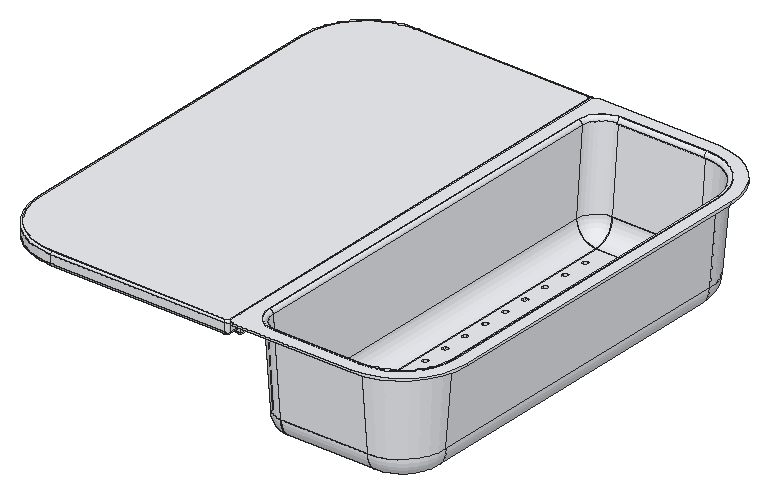
Revit family "COCLAC020 CLASSIC BOARD _COLANDER SET", category Plumbing Fixtures, host Face, Revit 2015
Parameters (values of type "CLASSIC BOARD &COLANDER SET")
  Waste Connection = no
  Vent Connection = no
  URL = "https://www.caroma.com.au/"
  Model = "COCLAC020"
  Material_Colander = GWA-Acrylic-White
  Material_Base = GWA-Acrylic-White
  Manufacturer = "GWA Bathrooms & Kitchens"  # constant formula
  HW Connection = no
  Description = "CLASSIC BOARD &COLANDER SET"
  Default Elevation = 0 mm
  CreatedBy_ANZRS = "GWA Bathrooms & Kitchens"  # constant formula
  CW Connection = no
  Assembly Code = "E1090300"
Reference planes
  plane 1 "Center (Front/Back)": y = 0
  plane 2: z = 0
  plane 3 "Center (Left/Right)": x = 0
Forms (mm)
  Extrusion 1, solid, material "GWA-Acrylic-White" <- "Material_Base"
    sketch origin (0, 0, 82) x (0, -1, 0) y (1, 0, 0)
      loop
        line (-158, -191) -> (158, -191)
        arc (158, -191) -> (191.234, -177.234) -> (205, -144) r 47
        line (205, -144) -> (205, 26) -> (-205, 26) -> (-205, -144)
        arc (-205, -144) -> (-191.234, -177.234) -> (-158, -191) r 47
    from 2 to 6
  Sweep 2, solid, material "GWA-Acrylic-White" <- "Material_Base"
    path origin (0, 0, 82) x (0, -1, 0) y (1, 0, 0)
      loop
        line (-220, 23) -> (-220, -144)
        arc (-220, -144) -> (-201.841, -187.841) -> (-158, -206) r 62
        line (-158, -206) -> (158, -206)
        arc (158, -206) -> (201.841, -187.841) -> (220, -144) r 62
        line (220, -144) -> (220, 23)
        arc (220, 23) -> (219.121, 25.121) -> (217, 26) r 3
        line (217, 26) -> (-217, 26)
        arc (-217, 26) -> (-219.121, 25.121) -> (-220, 23) r 3
    profile origin (-60.5, 220, 82) x (0, -1, 0) y (0, 0, 1)
      loop
        line (0, 16) -> (2, 16) -> (2, 18)
        arc (2, 18) -> (0.586, 17.414) -> (0, 16) r 2
  Sweep 3, solid, material "GWA-Acrylic-White" <- "Material_Base"
    path origin (0, 0, 82) x (0, -1, 0) y (1, 0, 0)
      loop
        line (-205, 26) -> (-205, -144)
        arc (-205, -144) -> (-191.234, -177.234) -> (-158, -191) r 47
        line (-158, -191) -> (158, -191)
        arc (158, -191) -> (191.234, -177.234) -> (205, -144) r 47
        line (205, -144) -> (205, 26)
    profile origin (-59, 205, 82) x (0, -1, 0) y (0, 0, 1)
      loop
        arc (0, 2) -> (0.586, 0.586) -> (2, 0) r 2
        line (2, 0) -> (2, 2) -> (0, 2)
  Extrusion 4, solid, material "GWA-Acrylic-White" <- "Material_Base"
    sketch origin (0, 0, 82) x (0, -1, 0) y (1, 0, 0)
      loop
        arc (158, -204) -> (200.426, -186.426) -> (218, -144) r 60
        line (218, -144) -> (218, 23)
        arc (218, 23) -> (217.707, 23.707) -> (217, 24) r 1
        line (217, 24) -> (-217, 24)
        arc (-217, 24) -> (-217.707, 23.707) -> (-218, 23) r 1
        line (-218, 23) -> (-218, -144)
        arc (-218, -144) -> (-200.426, -186.426) -> (-158, -204) r 60
        line (-158, -204) -> (158, -204)
    from 16 to 18
  Extrusion 5, solid, material "GWA-Acrylic-White" <- "Material_Base"
    sketch origin (0, 0, 82) x (0, -1, 0) y (1, 0, 0)
      loop
        arc (-203, -144) -> (-189.82, -175.82) -> (-158, -189) r 45
        line (-158, -189) -> (158, -189)
        arc (158, -189) -> (189.82, -175.82) -> (203, -144) r 45
        line (203, -144) -> (203, 26) -> (-203, 26) -> (-203, -144)
    from 0 to 2
  Extrusion 6, solid, material "GWA-Acrylic-White" <- "Material_Base"
    sketch origin (0, 0, 82) x (0, -1, 0) y (1, 0, 0)
      loop
        arc (-218, -144) -> (-200.426, -186.426) -> (-158, -204) r 60
        line (-158, -204) -> (158, -204)
        arc (158, -204) -> (200.426, -186.426) -> (218, -144) r 60
        line (218, -144) -> (218, 24) -> (205, 24) -> (205, 26) -> (-205, 26) -> (-205, 24) -> (-218, 24) -> (-218, -144)
    from 6 to 8
  Extrusion 7, solid, material "GWA-Acrylic-White" <- "Material_Base"
    sketch origin (0, 0, 82) x (0, -1, 0) y (1, 0, 0)
      loop
        line (-220, 23) -> (-220, -144)
        arc (-220, -144) -> (-201.841, -187.841) -> (-158, -206) r 62
        line (-158, -206) -> (158, -206)
        arc (158, -206) -> (201.841, -187.841) -> (220, -144) r 62
        line (220, -144) -> (220, 23)
        arc (220, 23) -> (219.121, 25.121) -> (217, 26) r 3
        line (217, 26) -> (-217, 26)
        arc (-217, 26) -> (-219.121, 25.121) -> (-220, 23) r 3
    from 8 to 16
  Sweep 8, solid, material "GWA-Acrylic-White" <- "Material_Base"
    path origin (0, 0, 82) x (0, -1, 0) y (1, 0, 0)
      loop
        line (-205, 26) -> (-217, 26)
        arc (-217, 26) -> (-219.121, 25.121) -> (-220, 23) r 3
        line (-220, 23) -> (-220, -144)
        arc (-220, -144) -> (-201.841, -187.841) -> (-158, -206) r 62
        line (-158, -206) -> (158, -206)
        arc (158, -206) -> (201.841, -187.841) -> (220, -144) r 62
        line (220, -144) -> (220, 23)
        arc (220, 23) -> (219.121, 25.121) -> (217, 26) r 3
        line (217, 26) -> (205, 26)
    profile origin (-60.5, 220, 82) x (0, -1, 0) y (0, 0, 1)
      loop
        line (2, 8) -> (0, 8)
        arc (0, 8) -> (0.586, 6.586) -> (2, 6) r 2
        line (2, 6) -> (2, 8)
  Revolve 9, solid, material "GWA-Acrylic-White" <- "Material_Colander"
    sketch origin (60.6, 5, 0) x (0, -1, 0) y (0, 0, 1)
      loop
        line (-192.8, 19.2) -> (-194.8, 19.2)
        arc (-194.8, 19.2) -> (-188.591, 4.209) -> (-173.6, -2) r 21.2
        line (-173.6, -2) -> (-173.6, 0)
        arc (-173.6, 0) -> (-187.176, 5.624) -> (-192.8, 19.2) r 19.2
      axis (-173.6, -2) -> (-173.6, 19.2)
    angle from 0 to 90
  Sweep 10, solid, material "GWA-Acrylic-White" <- "Material_Colander"
    path origin (0, 0, 0) x (1, 0, 0) y (0, 1, 0)
      loop
        line (60.6, 178.6) -> (144, 178.6)
        arc (144, 178.6) -> (158.566, 172.566) -> (164.6, 158) r 20.6
        line (164.6, 158) -> (164.6, -158)
        arc (164.6, -158) -> (158.566, -172.566) -> (144, -178.6) r 20.6
        line (144, -178.6) -> (60.6, -178.6)
    profile origin (102.3, 178.6, 0) x (0, 1, 0) y (0, 0, 1)
      loop
        arc (19.2, 19.2) -> (13.576, 5.624) -> (0, 0) r 19.2
        line (0, 0) -> (0, -2)
        arc (0, -2) -> (14.991, 4.209) -> (21.2, 19.2) r 21.2
        line (21.2, 19.2) -> (19.2, 19.2)
  Extrusion 11, solid, material "GWA-Acrylic-White" <- "Material_Colander"
    sketch origin (0, 0, 0) x (1, 0, 0) y (0, 0, 1)
      loop
        arc (60.6, 0) -> (47.024, 5.624) -> (41.4, 19.2) r 19.2
        line (41.4, 19.2) -> (39.4, 19.2)
        arc (39.4, 19.2) -> (45.609, 4.209) -> (60.6, -2) r 21.2
        line (60.6, -2) -> (60.6, 0)
    from -178.6 to 178.6
  Sweep 12, solid, material "GWA-Acrylic-White" <- "Material_Colander"
    path origin (0, 0, 100) x (-1, 0, 0) y (0, -1, 0)
      loop
        arc (-60.6, -208.4) -> (-44.337, -201.663) -> (-37.6, -185.4) r 23
        line (-37.6, -185.4) -> (-37.6, 185.4)
        arc (-37.6, 185.4) -> (-44.337, 201.663) -> (-60.6, 208.4) r 23
        line (-60.6, 208.4) -> (-144, 208.4)
        arc (-144, 208.4) -> (-179.638, 193.638) -> (-194.4, 158) r 50.4
        line (-194.4, 158) -> (-194.4, -158)
        arc (-194.4, -158) -> (-179.638, -193.638) -> (-144, -208.4) r 50.4
        line (-144, -208.4) -> (-60.6, -208.4)
    profile origin (102.3, 208.4, 100) x (0, 1, 0) y (0, 0, 1)
      loop
        arc (0, 0) -> (-2.687, -1.113) -> (-3.8, -3.8) r 3.8
        line (-3.8, -3.8) -> (0, -3.8) -> (0, 0)
  Blend 13, solid, material "GWA-Acrylic-White" <- "Material_Colander"
    base sketch origin (0, 0, 100) x (-1, 0, 0) y (0, -1, 0)
      loop
        arc (-144, -204.6) -> (-176.951, -190.951) -> (-190.6, -158) r 46.6
        line (-190.6, -158) -> (-190.6, 0) -> (-192.6, 0) -> (-192.6, -158)
        arc (-192.6, -158) -> (-178.365, -192.365) -> (-144, -206.6) r 48.6
        line (-144, -206.6) -> (-60.6, -206.6)
        arc (-60.6, -206.6) -> (-45.609, -200.391) -> (-39.4, -185.4) r 21.2
        line (-39.4, -185.4) -> (-39.4, 0) -> (-41.4, 0) -> (-41.4, -185.4)
        arc (-41.4, -185.4) -> (-47.024, -198.976) -> (-60.6, -204.6) r 19.2
        line (-60.6, -204.6) -> (-144, -204.6)
    top sketch origin (0, 0, 100) x (-1, 0, 0) y (0, -1, 0)
      loop
        line (-60.6, -197.8) -> (-144, -197.8)
        arc (-144, -197.8) -> (-172.143, -186.143) -> (-183.8, -158) r 39.8
        line (-183.8, -158) -> (-183.8, 0) -> (-185.8, 0) -> (-185.8, -158)
        arc (-185.8, -158) -> (-173.557, -187.557) -> (-144, -199.8) r 41.8
        line (-144, -199.8) -> (-60.6, -199.8)
        arc (-60.6, -199.8) -> (-45.609, -193.591) -> (-39.4, -178.6) r 21.2
        line (-39.4, -178.6) -> (-39.4, 0) -> (-41.4, 0) -> (-41.4, -178.6)
        arc (-41.4, -178.6) -> (-47.024, -192.176) -> (-60.6, -197.8) r 19.2
    from -3.8 to -80.8
  Extrusion 14, solid, material "GWA-Acrylic-White" <- "Material_Colander"
    sketch origin (0, 0, 100) x (-1, 0, 0) y (0, -1, 0)
      loop
        arc (-31, -220) -> (-27.464, -218.536) -> (-26, -215) r 5
        line (-26, -215) -> (-26, 215)
        arc (-26, 215) -> (-27.464, 218.536) -> (-31, 220) r 5
        line (-31, 220) -> (-144, 220)
        arc (-144, 220) -> (-187.841, 201.841) -> (-206, 158) r 62
        line (-206, 158) -> (-206, -158)
        arc (-206, -158) -> (-187.841, -201.841) -> (-144, -220) r 62
        line (-144, -220) -> (-31, -220)
      loop
        line (-37.6, -185.4) -> (-37.6, 185.4)
        arc (-37.6, 185.4) -> (-44.337, 201.663) -> (-60.6, 208.4) r 23
        line (-60.6, 208.4) -> (-144, 208.4)
        arc (-144, 208.4) -> (-179.638, 193.638) -> (-194.4, 158) r 50.4
        line (-194.4, 158) -> (-194.4, -158)
        arc (-194.4, -158) -> (-179.638, -193.638) -> (-144, -208.4) r 50.4
        line (-144, -208.4) -> (-60.6, -208.4)
        arc (-60.6, -208.4) -> (-44.337, -201.663) -> (-37.6, -185.4) r 23
    from -2 to 0
  Revolve 15, solid, material "GWA-Acrylic-White" <- "Material_Colander"
    sketch origin (60.6, -5, 0) x (0, 1, 0) y (0, 0, 1)
      loop
        line (-192.8, 19.2) -> (-194.8, 19.2)
        arc (-194.8, 19.2) -> (-188.591, 4.209) -> (-173.6, -2) r 21.2
        line (-173.6, -2) -> (-173.6, 0)
        arc (-173.6, 0) -> (-187.176, 5.624) -> (-192.8, 19.2) r 19.2
      axis (-173.6, -2) -> (-173.6, 19.2)
    angle from 0 to 90
  Extrusion 16, solid, material "GWA-Acrylic-White" <- "Material_Colander"
    sketch origin (0, 0, 100) x (-1, 0, 0) y (0, -1, 0)
      loop
        line (-60.6, 178.6) -> (-144, 178.6)
        arc (-144, 178.6) -> (-158.566, 172.566) -> (-164.6, 158) r 20.6
        line (-164.6, 158) -> (-164.6, -158)
        arc (-164.6, -158) -> (-158.566, -172.566) -> (-144, -178.6) r 20.6
        line (-144, -178.6) -> (-60.6, -178.6) -> (-60.6, 178.6)
      loop
        circle (-156, -12) r 2.5
      loop
        circle (-134, -12) r 2.5
      loop
        circle (-112, -12) r 2.5
      loop
        circle (-90, -12) r 2.5
      loop
        circle (-68, -12) r 2.5
      loop
        circle (-156, -36) r 2.5
      loop
        circle (-134, -36) r 2.5
      loop
        circle (-112, -36) r 2.5
      loop
        circle (-90, -36) r 2.5
      loop
        circle (-68, -36) r 2.5
      loop
        circle (-156, -60) r 2.5
      loop
        circle (-134, -60) r 2.5
      loop
        circle (-112, -60) r 2.5
      loop
        circle (-90, -60) r 2.5
      loop
        circle (-68, -60) r 2.5
      loop
        circle (-156, -84) r 2.5
      loop
        circle (-134, -84) r 2.5
      loop
        circle (-112, -84) r 2.5
      loop
        circle (-90, -84) r 2.5
      loop
        circle (-68, -84) r 2.5
      loop
        circle (-156, -108) r 2.5
      loop
        circle (-134, -108) r 2.5
      loop
        circle (-112, -108) r 2.5
      loop
        circle (-90, -108) r 2.5
      loop
        circle (-68, -108) r 2.5
      loop
        circle (-156, -132) r 2.5
      loop
        circle (-134, -132) r 2.5
      loop
        circle (-112, -132) r 2.5
      loop
        circle (-90, -132) r 2.5
      loop
        circle (-68, -132) r 2.5
      loop
        circle (-156, -156) r 2.5
      loop
        circle (-134, -156) r 2.5
      loop
        circle (-112, -156) r 2.5
      loop
        circle (-90, -156) r 2.5
      loop
        circle (-68, -156) r 2.5
      loop
        circle (-156, 12) r 2.5
      loop
        circle (-134, 12) r 2.5
      loop
        circle (-112, 12) r 2.5
      loop
        circle (-90, 12) r 2.5
      loop
        circle (-68, 12) r 2.5
      loop
        circle (-156, 36) r 2.5
      loop
        circle (-134, 36) r 2.5
      loop
        circle (-112, 36) r 2.5
      loop
        circle (-90, 36) r 2.5
      loop
        circle (-68, 36) r 2.5
      loop
        circle (-156, 60) r 2.5
      loop
        circle (-134, 60) r 2.5
      loop
        circle (-112, 60) r 2.5
      loop
        circle (-90, 60) r 2.5
      loop
        circle (-68, 60) r 2.5
      loop
        circle (-156, 84) r 2.5
      loop
        circle (-134, 84) r 2.5
      loop
        circle (-112, 84) r 2.5
      loop
        circle (-90, 84) r 2.5
      loop
        circle (-68, 84) r 2.5
      loop
        circle (-156, 108) r 2.5
      loop
        circle (-134, 108) r 2.5
      loop
        circle (-112, 108) r 2.5
      loop
        circle (-90, 108) r 2.5
      loop
        circle (-68, 108) r 2.5
      loop
        circle (-156, 132) r 2.5
      loop
        circle (-134, 132) r 2.5
      loop
        circle (-112, 132) r 2.5
      loop
        circle (-90, 132) r 2.5
      loop
        circle (-68, 132) r 2.5
      loop
        circle (-156, 156) r 2.5
      loop
        circle (-134, 156) r 2.5
      loop
        circle (-112, 156) r 2.5
      loop
        circle (-90, 156) r 2.5
      loop
        circle (-68, 156) r 2.5
    from -102 to -100
  Blend 17, solid, material "GWA-Acrylic-White" <- "Material_Colander"
    base sketch origin (0, 0, 100) x (-1, 0, 0) y (0, -1, 0)
      loop
        line (-144, 204.6) -> (-60.6, 204.6)
        arc (-60.6, 204.6) -> (-47.024, 198.976) -> (-41.4, 185.4) r 19.2
        line (-41.4, 185.4) -> (-41.4, 0) -> (-39.4, 0) -> (-39.4, 185.4)
        arc (-39.4, 185.4) -> (-45.609, 200.391) -> (-60.6, 206.6) r 21.2
        line (-60.6, 206.6) -> (-144, 206.6)
        arc (-144, 206.6) -> (-178.365, 192.365) -> (-192.6, 158) r 48.6
        line (-192.6, 158) -> (-192.6, 0) -> (-190.6, 0) -> (-190.6, 158)
        arc (-190.6, 158) -> (-176.951, 190.951) -> (-144, 204.6) r 46.6
    top sketch origin (0, 0, 100) x (-1, 0, 0) y (0, -1, 0)
      loop
        arc (-60.6, 197.8) -> (-47.024, 192.176) -> (-41.4, 178.6) r 19.2
        line (-41.4, 178.6) -> (-41.4, 0) -> (-39.4, 0) -> (-39.4, 178.6)
        arc (-39.4, 178.6) -> (-45.609, 193.591) -> (-60.6, 199.8) r 21.2
        line (-60.6, 199.8) -> (-144, 199.8)
        arc (-144, 199.8) -> (-173.557, 187.557) -> (-185.8, 158) r 41.8
        line (-185.8, 158) -> (-185.8, 0) -> (-183.8, 0) -> (-183.8, 158)
        arc (-183.8, 158) -> (-172.143, 186.143) -> (-144, 197.8) r 39.8
        line (-144, 197.8) -> (-60.6, 197.8)
    from -3.8 to -80.8
Cuts and joins
  joined: Blend 13, Blend 17
Lines and regions (mm)
  Masking region 1
    outline origin (0, -5, 0) x (1, 0, 0) y (0, 1, 0)
      loop
        arc (-144, 225) -> (-187.841, 206.841) -> (-206, 163) r 62
        line (-206, 163) -> (-206, -153)
        arc (-206, -153) -> (-187.841, -196.841) -> (-144, -215) r 62
        line (-144, -215) -> (23, -215)
        arc (23, -215) -> (25.121, -214.121) -> (26, -212) r 3
        line (26, -212) -> (26, 222)
        arc (26, 222) -> (25.121, 224.121) -> (23, 225) r 3
        line (23, 225) -> (-144, 225)
  Masking region 2
    outline origin (0, 0, 0) x (1, 0, 0) y (0, 1, 0)
      loop
        line (23, 220) -> (-144, 220)
        arc (-144, 220) -> (-187.841, 201.841) -> (-206, 158) r 62
        line (-206, 158) -> (-206, -158)
        arc (-206, -158) -> (-187.841, -201.841) -> (-144, -220) r 62
        line (-144, -220) -> (23, -220)
        arc (23, -220) -> (25.121, -219.121) -> (26, -217) r 3
        line (26, -217) -> (26, 217)
        arc (26, 217) -> (25.121, 219.121) -> (23, 220) r 3
  Masking region 3
    outline origin (0, 0, 0) x (1, 0, 0) y (0, 1, 0)
      loop
        arc (31, 220) -> (27.464, 218.536) -> (26, 215) r 5
        line (26, 215) -> (26, -215)
        arc (26, -215) -> (27.464, -218.536) -> (31, -220) r 5
        line (31, -220) -> (144, -220)
        arc (144, -220) -> (187.841, -201.841) -> (206, -158) r 62
        line (206, -158) -> (206, 158)
        arc (206, 158) -> (187.841, 201.841) -> (144, 220) r 62
        line (144, 220) -> (31, 220)
  Masking region 4
    outline origin (0, 0, -996.138) x (0, 1, 0) y (0, 0, 1)
      loop
        line (-220, 1096.138) -> (-220, 1084.138) -> (-205.876, 1084.138) -> (-199.635, 1013.473)
        arc (-199.635, 1013.473) -> (-192.834, 999.702) -> (-178.517, 994.138) r 21.2
        line (-178.517, 994.138) -> (178.517, 994.138)
        arc (178.517, 994.138) -> (192.834, 999.702) -> (199.635, 1013.473) r 21.2
        line (199.635, 1013.473) -> (205.876, 1084.138) -> (220, 1084.138) -> (220, 1096.138) -> (-220, 1096.138)
  Masking region 5
    outline origin (0, 0, -1092.129) x (1, 0, 0) y (0, 0, 1)
      loop
        line (24, 1192.129) -> (-204, 1192.129)
        arc (-204, 1192.129) -> (-205.414, 1191.543) -> (-206, 1190.129) r 2
        line (-206, 1190.129) -> (-206, 1182.129)
        arc (-206, 1182.129) -> (-205.414, 1180.715) -> (-204, 1180.129) r 2
        line (-204, 1180.129) -> (-191, 1180.129) -> (-191, 1176.129)
        arc (-191, 1176.129) -> (-190.414, 1174.715) -> (-189, 1174.129) r 2
        line (-189, 1174.129) -> (26, 1174.129) -> (26, 1190.129)
        arc (26, 1190.129) -> (25.414, 1191.543) -> (24, 1192.129) r 2
  Masking region 6
    outline origin (0, 0, -1092.129) x (1, 0, 0) y (0, 0, 1)
      loop
        line (26, 1192.129) -> (26, 1190.129) -> (39.4, 1190.129) -> (39.4, 1111.329)
        arc (39.4, 1111.329) -> (45.609, 1096.338) -> (60.6, 1090.129) r 21.2
        line (60.6, 1090.129) -> (164.582, 1090.129)
        arc (164.582, 1090.129) -> (178.905, 1095.699) -> (185.702, 1109.481) r 21.2
        line (185.702, 1109.481) -> (192.757, 1190.129) -> (206, 1190.129) -> (206, 1192.129) -> (26, 1192.129)
  symbolic lines
    curve 1: arc (41.4, -178.6, 0) -> (47.024, -192.176, 0) -> (60.6, -197.8, 0) r 19.2
    curve 2: line (60.6, -197.8, 0) -> (144, -197.8, 0)
    curve 3: arc (144, -197.8, 0) -> (172.143, -186.143, 0) -> (183.8, -158, 0) r 39.8
    curve 4: line (183.8, -158, 0) -> (183.8, 158, 0)
    curve 5: arc (183.8, 158, 0) -> (172.143, 186.143, 0) -> (144, 197.8, 0) r 39.8
    curve 6: line (144, 197.8, 0) -> (60.6, 197.8, 0)
    curve 7: arc (60.6, 197.8, 0) -> (47.024, 192.176, 0) -> (41.4, 178.6, 0) r 19.2
    curve 8: line (41.4, 178.6, 0) -> (41.4, -178.6, 0)
    curve 9: arc (37.6, 185.4, 0) -> (44.337, 201.663, 0) -> (60.6, 208.4, 0) r 23
    curve 10: line (37.6, -185.4, 0) -> (37.6, 185.4, 0)
    curve 11: line (60.6, 208.4, 0) -> (144, 208.4, 0)
    curve 12: arc (144, 208.4, 0) -> (179.638, 193.638, 0) -> (194.4, 158, 0) r 50.4
    curve 13: line (194.4, 158, 0) -> (194.4, -158, 0)
    curve 14: arc (194.4, -158, 0) -> (179.638, -193.638, 0) -> (144, -208.4, 0) r 50.4
    curve 15: line (144, -208.4, 0) -> (60.6, -208.4, 0)
    curve 16: arc (60.6, -208.4, 0) -> (44.337, -201.663, 0) -> (37.6, -185.4, 0) r 23
    curve 17: circle (68, 156, 0) r 2.5 normal (0, 0, 1)
    curve 18: circle (90, 156, 0) r 2.5 normal (0, 0, 1)
    curve 19: circle (112, 156, 0) r 2.5 normal (0, 0, 1)
    curve 20: circle (134, 156, 0) r 2.5 normal (0, 0, 1)
    curve 21: circle (156, 156, 0) r 2.5 normal (0, 0, 1)
    curve 22: circle (68, 132, 0) r 2.5 normal (0, 0, 1)
    curve 23: circle (90, 132, 0) r 2.5 normal (0, 0, 1)
    curve 24: circle (112, 132, 0) r 2.5 normal (0, 0, 1)
    curve 25: circle (134, 132, 0) r 2.5 normal (0, 0, 1)
    curve 26: circle (156, 132, 0) r 2.5 normal (0, 0, 1)
    curve 27: circle (68, 108, 0) r 2.5 normal (0, 0, 1)
    curve 28: circle (90, 108, 0) r 2.5 normal (0, 0, 1)
    curve 29: circle (112, 108, 0) r 2.5 normal (0, 0, 1)
    curve 30: circle (134, 108, 0) r 2.5 normal (0, 0, 1)
    curve 31: circle (156, 108, 0) r 2.5 normal (0, 0, 1)
    curve 32: circle (68, 84, 0) r 2.5 normal (0, 0, 1)
    curve 33: circle (90, 84, 0) r 2.5 normal (0, 0, 1)
    curve 34: circle (112, 84, 0) r 2.5 normal (0, 0, 1)
    curve 35: circle (134, 84, 0) r 2.5 normal (0, 0, 1)
    curve 36: circle (156, 84, 0) r 2.5 normal (0, 0, 1)
    curve 37: circle (68, 60, 0) r 2.5 normal (0, 0, 1)
    curve 38: circle (90, 60, 0) r 2.5 normal (0, 0, 1)
    curve 39: circle (112, 60, 0) r 2.5 normal (0, 0, 1)
    curve 40: circle (134, 60, 0) r 2.5 normal (0, 0, 1)
    curve 41: circle (156, 60, 0) r 2.5 normal (0, 0, 1)
    curve 42: circle (68, 36, 0) r 2.5 normal (0, 0, 1)
    curve 43: circle (90, 36, 0) r 2.5 normal (0, 0, 1)
    curve 44: circle (112, 36, 0) r 2.5 normal (0, 0, 1)
    curve 45: circle (134, 36, 0) r 2.5 normal (0, 0, 1)
    curve 46: circle (156, 36, 0) r 2.5 normal (0, 0, 1)
    curve 47: circle (68, 12, 0) r 2.5 normal (0, 0, 1)
    curve 48: circle (90, 12, 0) r 2.5 normal (0, 0, 1)
    curve 49: circle (112, 12, 0) r 2.5 normal (0, 0, 1)
    curve 50: circle (134, 12, 0) r 2.5 normal (0, 0, 1)
    curve 51: circle (156, 12, 0) r 2.5 normal (0, 0, 1)
    curve 52: circle (68, -12, 0) r 2.5 normal (0, 0, 1)
    curve 53: circle (90, -12, 0) r 2.5 normal (0, 0, 1)
    curve 54: circle (112, -12, 0) r 2.5 normal (0, 0, 1)
    curve 55: circle (134, -12, 0) r 2.5 normal (0, 0, 1)
    curve 56: circle (156, -12, 0) r 2.5 normal (0, 0, 1)
    curve 57: circle (68, -36, 0) r 2.5 normal (0, 0, 1)
    curve 58: circle (90, -36, 0) r 2.5 normal (0, 0, 1)
    curve 59: circle (112, -36, 0) r 2.5 normal (0, 0, 1)
    curve 60: circle (134, -36, 0) r 2.5 normal (0, 0, 1)
    curve 61: circle (156, -36, 0) r 2.5 normal (0, 0, 1)
    curve 62: circle (68, -60, 0) r 2.5 normal (0, 0, 1)
    curve 63: circle (90, -60, 0) r 2.5 normal (0, 0, 1)
    curve 64: circle (112, -60, 0) r 2.5 normal (0, 0, 1)
    curve 65: circle (134, -60, 0) r 2.5 normal (0, 0, 1)
    curve 66: circle (156, -60, 0) r 2.5 normal (0, 0, 1)
    curve 67: circle (68, -84, 0) r 2.5 normal (0, 0, 1)
    curve 68: circle (90, -84, 0) r 2.5 normal (0, 0, 1)
    curve 69: circle (112, -84, 0) r 2.5 normal (0, 0, 1)
    curve 70: circle (134, -84, 0) r 2.5 normal (0, 0, 1)
    curve 71: circle (156, -84, 0) r 2.5 normal (0, 0, 1)
    curve 72: circle (68, -108, 0) r 2.5 normal (0, 0, 1)
    curve 73: circle (90, -108, 0) r 2.5 normal (0, 0, 1)
    curve 74: circle (112, -108, 0) r 2.5 normal (0, 0, 1)
    curve 75: circle (134, -108, 0) r 2.5 normal (0, 0, 1)
    curve 76: circle (156, -108, 0) r 2.5 normal (0, 0, 1)
    curve 77: circle (68, -132, 0) r 2.5 normal (0, 0, 1)
    curve 78: circle (90, -132, 0) r 2.5 normal (0, 0, 1)
    curve 79: circle (112, -132, 0) r 2.5 normal (0, 0, 1)
    curve 80: circle (134, -132, 0) r 2.5 normal (0, 0, 1)
    curve 81: circle (156, -132, 0) r 2.5 normal (0, 0, 1)
    curve 82: circle (68, -156, 0) r 2.5 normal (0, 0, 1)
    curve 83: circle (90, -156, 0) r 2.5 normal (0, 0, 1)
    curve 84: circle (112, -156, 0) r 2.5 normal (0, 0, 1)
    curve 85: circle (134, -156, 0) r 2.5 normal (0, 0, 1)
    curve 86: circle (156, -156, 0) r 2.5 normal (0, 0, 1)
    curve 87: line (0, -220, 98) -> (0, -206.759, 98)
    curve 88: line (0, -205.876, 88) -> (0, -206.759, 98)
    curve 89: line (0, 205.876, 88) -> (0, 206.759, 98)
    curve 90: line (0, 220, 98) -> (0, 206.759, 98)
    curve 91: line (0, 206.759, 98) -> (0, -206.759, 98)
    curve 92: line (-191, 0, 88) -> (26, 0, 88)
    curve 93: line (39.4, 0, 98) -> (192.757, 0, 98)
Dimensions and locks
  aligned and locked: plane 2 to host face
  aligned and locked: level to host face
